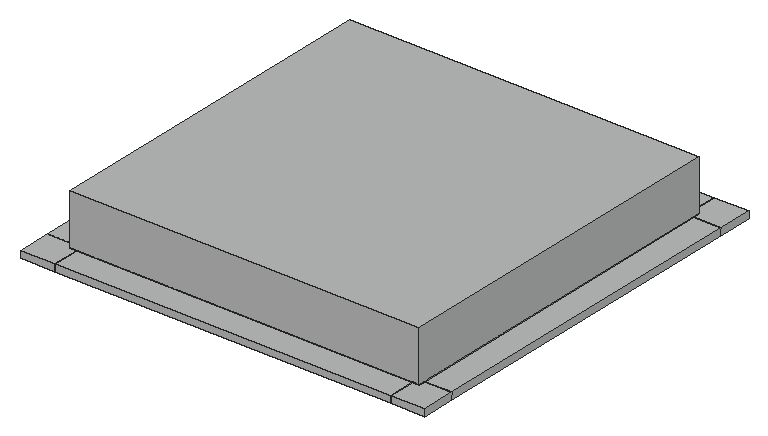
Revit family "ALUMOGIPS", category Осветительные приборы, Revit 2019
Family settings
  Размер круглого соединителя = Использовать диаметр
  Тип детали = Нормальный
  На основе рабочей плоскости = Нет
  Всегда вертикально = Нет
  При загрузке вырезать с полостями = Нет
  Источник света = Да
  Общий = Нет
  Точка расчета площади = Да
Parameters (values of type "Alumogips-22/opal-sand 295x295 (IP54, 4000К, серый)")
  built-in parameter 1150104 = 13.8 (stored number, unit not read)
  built-in parameter 1150134 = 12
  Файл фотометрической сетки = "Светильник ALUMOGIPS-22 OPAL-SAND-(295x295).IES"
  Tilt Angle = 90.00°
  built-in parameter 1150137 = (empty or 0)
  built-in parameter 1150132 = 2
  built-in parameter 1150114 = 1 (stored number, unit not read)
  Dimming Lamp Color Temperature Shift = (empty or 0)
  built-in parameter 1150105 = 151.2 (stored number, unit not read)
  Color Filter = 16777215
  Lumens = 1900 lm
  built-in parameter 1150109 = 1 (stored number, unit not read)
  built-in parameter 1150112 = 1 (stored number, unit not read)
  built-in parameter 1150110 = 1 (stored number, unit not read)
  built-in parameter 1150113 = 1 (stored number, unit not read)
  built-in parameter 1150115 = 1 (stored number, unit not read)
  built-in parameter 1114218 = 1 (stored number, unit not read)
  built-in parameter 1114217 = 1 (stored number, unit not read)
  built-in parameter 1150106 = 1.512 (stored number, unit not read)
  built-in parameter 1150142 = "IESNA:LM-63-95\r\n[TEST] Протокол №88\r\n[DATA] 02.08.2016\r\n[MORE] \r\n[MANUFAC] ЗАО \"Центрстройсвет\"\r\n[LUMCAT]  Светильник ALUMOGIPS-22/OPAL-SAND-(295x295)\r\n[LUMINAIRE]\r\n[LAMPCAT] Светодиоды\r\n[LAMP] Поток источника света (светодиодов) не известен\r\n[MORE] КСС приведена в абсолютных величинах кд\r\n[MORE] Вместо потока лампы, указан поток светильника.\r\nTILT=NONE\r\n1    1840 1.0 37 73 1 2 0.295 0.295 0.040\r\n1.0 1.0 23.0\r\n0.0 5.0 10.0 15.0 20.0 25.0 30.0 35.0 40.0 45.0 50.0 55.0 60.0 65.0 70.0 75.0 80.0 85.0 90.0 95.0 100.0 105.0 110.0 115.0 120.0 125.0 130.0 135.0 140.0 145.0 150.0 155.0 160.0 165.0 170.0 175.0 180.0\r\n0.0 5.0 10.0 15.0 20.0 25.0 30.0 35.0 40.0 45.0 50.0 55.0 60.0 65.0 70.0 75.0 80.0 85.0 90.0 95.0 100.0 105.0 110.0 115.0 120.0 125.0 130.0 135.0 140.0 145.0 150.0 155.0 160.0 165.0 170.0 175.0 180.0 185.0 190.0 195.0 200.0 205.0 210.0 215.0 220.0 225.0 230.0 235.0 240.0 245.0 250.0 255.0 260.0 265.0 270.0 275.0 280.0 285.0 290.0 295.0 300.0 305.0 310.0 315.0 320.0 325.0 330.0 335.0 340.0 345.0 350.0 355.0 360.0\r\n704.4 702.6 689.1 668.2 639.7 603.2 562.5 516.5 468.8 417.4 365.6 312.1 259.6 207.6 156.6 108.3 64.3 25.9 1.0 0.0 0.0 0.0 0.0 0.0 0.0 0.0 0.0 0.0 0.0 0.0 0.0 0.0 0.0 0.0 0.0 0.0 0.0\r\n704.4 702.6 688.9 666.9 636.8 601.2 560.9 517.4 467.0 417.5 364.8 312.1 258.9 207.6 156.5 108.3 64.5 26.2 0.8 0.0 0.0 0.0 0.0 0.0 0.0 0.0 0.0 0.0 0.0 0.0 0.0 0.0 0.0 0.0 0.0 0.0 0.0\r\n704.4 702.7 688.1 666.6 636.2 601.8 558.9 514.4 466.5 416.1 364.4 311.1 259.0 206.8 155.7 107.9 64.0 25.6 0.7 0.0 0.0 0.0 0.0 0.0 0.0 0.0 0.0 0.0 0.0 0.0 0.0 0.0 0.0 0.0 0.0 0.0 0.0\r\n704.4 702.8 687.5 665.5 635.7 599.5 558.6 514.9 467.7 415.9 364.3 311.2 257.9 206.3 155.3 107.2 63.6 25.3 0.6 0.0 0.0 0.0 0.0 0.0 0.0 0.0 0.0 0.0 0.0 0.0 0.0 0.0 0.0 0.0 0.0 0.0 0.0\r\n704.4 702.6 687.0 663.7 635.8 599.0 558.1 514.4 465.6 413.9 361.9 310.4 256.5 205.3 154.7 106.6 62.6 24.8 0.4 0.0 0.0 0.0 0.0 0.0 0.0 0.0 0.0 0.0 0.0 0.0 0.0 0.0 0.0 0.0 0.0 0.0 0.0\r\n704.4 702.2 686.0 663.0 633.3 599.1 557.7 512.0 464.8 414.0 362.8 309.2 256.6 205.1 154.2 106.1 62.4 24.4 0.4 0.0 0.0 0.0 0.0 0.0 0.0 0.0 0.0 0.0 0.0 0.0 0.0 0.0 0.0 0.0 0.0 0.0 0.0\r\n704.4 701.7 685.7 662.9 634.4 599.2 558.1 511.9 463.9 414.8 361.7 309.1 256.5 204.4 153.6 105.3 62.2 24.3 0.3 0.0 0.0 0.0 0.0 0.0 0.0 0.0 0.0 0.0 0.0 0.0 0.0 0.0 0.0 0.0 0.0 0.0 0.0\r\n704.4 701.4 685.4 663.3 632.5 597.1 557.3 512.2 463.2 413.2 361.4 307.8 255.6 203.8 153.2 105.6 61.8 24.0 0.3 0.0 0.0 0.0 0.0 0.0 0.0 0.0 0.0 0.0 0.0 0.0 0.0 0.0 0.0 0.0 0.0 0.0 0.0\r\n704.4 701.2 685.3 662.8 633.9 597.9 556.7 511.3 462.0 412.9 360.3 306.8 255.0 203.4 152.9 105.0 62.1 23.8 0.4 0.0 0.0 0.0 0.0 0.0 0.0 0.0 0.0 0.0 0.0 0.0 0.0 0.0 0.0 0.0 0.0 0.0 0.0\r\n704.4 700.7 685.1 661.8 633.2 596.2 556.5 510.9 461.5 411.1 359.4 307.7 255.0 203.8 153.0 104.9 61.9 23.6 0.5 0.0 0.0 0.0 0.0 0.0 0.0 0.0 0.0 0.0 0.0 0.0 0.0 0.0 0.0 0.0 0.0 0.0 0.0\r\n704.4 700.0 684.9 662.8 633.2 597.6 556.4 511.4 461.8 411.3 359.2 307.9 255.0 203.5 152.9 105.5 62.1 23.6 0.3 0.0 0.0 0.0 0.0 0.0 0.0 0.0 0.0 0.0 0.0 0.0 0.0 0.0 0.0 0.0 0.0 0.0 0.0\r\n704.4 699.6 685.0 663.1 633.0 597.9 557.6 511.6 462.2 410.8 359.8 307.8 254.6 203.2 152.9 105.6 62.1 23.9 0.3 0.0 0.0 0.0 0.0 0.0 0.0 0.0 0.0 0.0 0.0 0.0 0.0 0.0 0.0 0.0 0.0 0.0 0.0\r\n704.4 699.4 684.8 662.9 633.0 597.6 556.3 511.4 462.0 412.1 359.9 308.6 255.5 203.3 152.7 105.5 62.7 23.9 0.4 0.0 0.0 0.0 0.0 0.0 0.0 0.0 0.0 0.0 0.0 0.0 0.0 0.0 0.0 0.0 0.0 0.0 0.0\r\n704.4 699.2 685.0 663.9 634.3 597.1 556.9 510.5 462.6 411.5 359.8 308.0 255.2 203.3 153.6 105.4 62.4 24.0 0.4 0.0 0.0 0.0 0.0 0.0 0.0 0.0 0.0 0.0 0.0 0.0 0.0 0.0 0.0 0.0 0.0 0.0 0.0\r\n704.4 698.9 685.3 663.1 633.1 597.7 555.9 511.5 463.6 413.1 360.4 307.4 255.0 203.4 154.1 106.4 62.5 24.2 0.3 0.0 0.0 0.0 0.0 0.0 0.0 0.0 0.0 0.0 0.0 0.0 0.0 0.0 0.0 0.0 0.0 0.0 0.0\r\n704.4 698.8 684.9 662.5 633.7 597.3 557.3 511.4 463.5 412.5 360.6 308.3 256.1 204.5 154.8 106.4 63.3 24.7 0.4 0.0 0.0 0.0 0.0 0.0 0.0 0.0 0.0 0.0 0.0 0.0 0.0 0.0 0.0 0.0 0.0 0.0 0.0\r\n704.4 698.8 685.0 663.1 634.2 598.6 557.7 511.5 463.1 413.4 360.7 309.0 257.0 204.7 154.5 107.2 63.3 25.0 0.4 0.0 0.0 0.0 0.0 0.0 0.0 0.0 0.0 0.0 0.0 0.0 0.0 0.0 0.0 0.0 0.0 0.0 0.0\r\n704.4 698.8 685.9 663.2 634.6 598.3 557.6 511.0 462.3 413.8 361.5 308.8 256.7 205.8 155.4 107.6 63.7 25.3 0.4 0.0 0.0 0.0 0.0 0.0 0.0 0.0 0.0 0.0 0.0 0.0 0.0 0.0 0.0 0.0 0.0 0.0 0.0\r\n704.4 698.9 686.2 663.6 634.2 598.4 558.9 513.7 463.3 414.0 361.2 309.4 257.5 206.4 155.7 108.1 64.2 25.7 0.3 0.0 0.0 0.0 0.0 0.0 0.0 0.0 0.0 0.0 0.0 0.0 0.0 0.0 0.0 0.0 0.0 0.0 0.0\r\n704.4 699.2 685.6 664.1 635.3 599.2 558.5 513.9 465.4 414.1 363.1 310.0 258.5 206.6 156.1 108.2 64.8 26.0 0.4 0.0 0.0 0.0 0.0 0.0 0.0 0.0 0.0 0.0 0.0 0.0 0.0 0.0 0.0 0.0 0.0 0.0 0.0\r\n704.4 699.5 685.9 663.5 635.1 599.6 559.3 514.1 467.4 415.5 363.4 310.4 258.2 207.4 157.0 108.7 65.3 26.4 0.7 0.0 0.0 0.0 0.0 0.0 0.0 0.0 0.0 0.0 0.0 0.0 0.0 0.0 0.0 0.0 0.0 0.0 0.0\r\n704.4 699.6 686.6 665.6 636.2 601.3 560.7 514.4 466.7 415.4 364.2 311.3 259.4 207.8 157.4 109.5 65.4 26.6 0.9 0.0 0.0 0.0 0.0 0.0 0.0 0.0 0.0 0.0 0.0 0.0 0.0 0.0 0.0 0.0 0.0 0.0 0.0\r\n704.4 699.6 687.0 665.5 635.2 600.6 560.0 515.7 467.1 415.8 363.7 312.0 259.9 208.3 157.9 109.9 66.2 27.1 1.0 0.0 0.0 0.0 0.0 0.0 0.0 0.0 0.0 0.0 0.0 0.0 0.0 0.0 0.0 0.0 0.0 0.0 0.0\r\n704.4 699.6 686.9 665.3 638.0 601.8 560.2 516.2 467.8 417.1 364.5 312.6 260.5 209.6 159.0 110.8 66.2 27.7 1.1 0.0 0.0 0.0 0.0 0.0 0.0 0.0 0.0 0.0 0.0 0.0 0.0 0.0 0.0 0.0 0.0 0.0 0.0\r\n704.4 699.6 687.1 666.3 637.6 601.9 561.9 517.1 468.0 418.2 366.8 314.0 261.4 209.4 159.3 111.3 67.0 28.1 1.2 0.0 0.0 0.0 0.0 0.0 0.0 0.0 0.0 0.0 0.0 0.0 0.0 0.0 0.0 0.0 0.0 0.0 0.0\r\n704.4 699.5 687.4 666.7 638.8 602.2 562.2 518.2 469.5 419.1 368.2 314.0 263.2 210.6 159.7 111.6 67.9 28.6 1.4 0.0 0.0 0.0 0.0 0.0 0.0 0.0 0.0 0.0 0.0 0.0 0.0 0.0 0.0 0.0 0.0 0.0 0.0\r\n704.4 699.5 688.3 667.0 640.3 604.3 563.6 518.1 470.6 419.5 367.4 316.1 263.5 211.7 161.4 112.7 68.0 28.9 1.6 0.0 0.0 0.0 0.0 0.0 0.0 0.0 0.0 0.0 0.0 0.0 0.0 0.0 0.0 0.0 0.0 0.0 0.0\r\n704.4 699.3 688.8 667.6 639.8 604.7 565.6 518.5 470.9 421.8 370.5 318.0 264.7 211.6 161.4 113.3 69.3 29.6 1.6 0.0 0.0 0.0 0.0 0.0 0.0 0.0 0.0 0.0 0.0 0.0 0.0 0.0 0.0 0.0 0.0 0.0 0.0\r\n704.4 699.3 689.1 668.0 639.9 605.1 564.7 521.0 473.3 421.7 371.0 317.6 265.9 213.4 162.4 113.9 69.6 30.2 2.1 0.0 0.0 0.0 0.0 0.0 0.0 0.0 0.0 0.0 0.0 0.0 0.0 0.0 0.0 0.0 0.0 0.0 0.0\r\n704.4 699.1 689.5 669.7 641.0 604.7 565.4 521.7 472.9 422.2 371.7 318.9 266.2 213.7 163.0 114.7 70.1 30.7 2.4 0.0 0.0 0.0 0.0 0.0 0.0 0.0 0.0 0.0 0.0 0.0 0.0 0.0 0.0 0.0 0.0 0.0 0.0\r\n704.4 699.0 688.9 668.7 641.2 606.9 567.6 522.5 474.1 423.9 372.7 320.8 267.8 215.3 164.2 115.4 70.6 31.3 2.5 0.0 0.0 0.0 0.0 0.0 0.0 0.0 0.0 0.0 0.0 0.0 0.0 0.0 0.0 0.0 0.0 0.0 0.0\r\n704.4 699.1 688.5 669.3 641.7 607.1 565.5 524.1 474.7 425.6 373.4 320.3 268.0 216.0 165.4 116.1 71.4 31.8 3.2 0.0 0.0 0.0 0.0 0.0 0.0 0.0 0.0 0.0 0.0 0.0 0.0 0.0 0.0 0.0 0.0 0.0 0.0\r\n704.4 699.3 687.9 669.4 641.7 607.2 568.4 524.0 476.6 426.2 374.1 322.1 268.8 217.3 165.9 117.2 72.0 32.4 3.4 0.0 0.0 0.0 0.0 0.0 0.0 0.0 0.0 0.0 0.0 0.0 0.0 0.0 0.0 0.0 0.0 0.0 0.0\r\n704.4 699.4 688.3 668.6 642.5 609.5 569.6 524.7 477.8 427.5 376.1 323.3 270.4 217.7 167.4 118.2 72.9 32.9 3.5 0.0 0.0 0.0 0.0 0.0 0.0 0.0 0.0 0.0 0.0 0.0 0.0 0.0 0.0 0.0 0.0 0.0 0.0\r\n704.4 699.4 689.0 668.7 640.7 609.0 568.7 526.9 479.0 427.9 376.7 323.6 272.1 218.5 168.0 119.1 73.6 33.5 3.7 0.0 0.0 0.0 0.0 0.0 0.0 0.0 0.0 0.0 0.0 0.0 0.0 0.0 0.0 0.0 0.0 0.0 0.0\r\n704.4 699.5 689.2 670.1 641.2 608.9 569.2 524.1 478.5 427.1 377.3 325.0 272.3 219.8 169.2 119.9 74.3 34.5 4.2 0.0 0.0 0.0 0.0 0.0 0.0 0.0 0.0 0.0 0.0 0.0 0.0 0.0 0.0 0.0 0.0 0.0 0.0\r\n704.4 699.5 689.2 669.3 642.5 609.2 569.8 524.5 479.5 428.4 376.6 325.2 272.4 220.9 169.5 120.1 74.4 34.4 4.3 0.0 0.0 0.0 0.0 0.0 0.0 0.0 0.0 0.0 0.0 0.0 0.0 0.0 0.0 0.0 0.0 0.0 0.0\r\n704.4 699.2 689.2 669.9 643.4 609.4 571.0 527.6 480.8 430.3 377.8 326.1 273.4 220.9 169.5 120.2 74.5 34.1 3.9 0.0 0.0 0.0 0.0 0.0 0.0 0.0 0.0 0.0 0.0 0.0 0.0 0.0 0.0 0.0 0.0 0.0 0.0\r\n704.4 698.9 689.2 670.5 644.2 611.7 573.5 529.4 482.3 431.6 378.4 327.7 274.1 222.2 170.4 120.8 75.0 34.6 4.3 0.0 0.0 0.0 0.0 0.0 0.0 0.0 0.0 0.0 0.0 0.0 0.0 0.0 0.0 0.0 0.0 0.0 0.0\r\n704.4 698.9 690.0 671.1 646.9 613.4 573.6 530.0 481.1 432.2 380.0 327.9 274.9 222.2 170.8 121.1 75.6 35.3 4.2 0.0 0.0 0.0 0.0 0.0 0.0 0.0 0.0 0.0 0.0 0.0 0.0 0.0 0.0 0.0 0.0 0.0 0.0\r\n704.4 699.3 690.7 674.8 647.7 612.5 573.7 529.4 482.0 432.1 380.6 327.7 274.6 222.1 170.6 121.7 76.0 35.6 4.5 0.0 0.0 0.0 0.0 0.0 0.0 0.0 0.0 0.0 0.0 0.0 0.0 0.0 0.0 0.0 0.0 0.0 0.0\r\n704.4 699.9 691.7 675.0 647.1 613.1 573.0 530.7 482.3 432.6 379.8 328.5 274.7 223.2 171.5 122.3 76.3 35.9 5.0 0.0 0.0 0.0 0.0 0.0 0.0 0.0 0.0 0.0 0.0 0.0 0.0 0.0 0.0 0.0 0.0 0.0 0.0\r\n704.4 700.4 692.9 673.4 646.5 612.9 575.2 531.6 483.1 433.1 381.9 328.2 276.3 222.1 172.0 122.8 76.9 36.2 5.1 0.0 0.0 0.0 0.0 0.0 0.0 0.0 0.0 0.0 0.0 0.0 0.0 0.0 0.0 0.0 0.0 0.0 0.0\r\n704.4 700.6 693.5 673.9 647.0 612.9 573.5 531.0 482.4 433.7 382.3 328.8 276.2 223.2 172.6 123.3 77.4 36.6 5.1 0.0 0.0 0.0 0.0 0.0 0.0 0.0 0.0 0.0 0.0 0.0 0.0 0.0 0.0 0.0 0.0 0.0 0.0\r\n704.4 700.7 693.7 673.1 648.0 613.9 574.3 531.3 483.3 432.8 382.1 329.2 275.7 223.6 172.8 123.4 77.8 36.9 4.9 0.0 0.0 0.0 0.0 0.0 0.0 0.0 0.0 0.0 0.0 0.0 0.0 0.0 0.0 0.0 0.0 0.0 0.0\r\n704.4 701.1 693.8 674.8 647.2 613.5 575.2 531.8 483.2 434.1 382.5 328.9 276.7 223.3 172.7 123.9 77.9 37.4 5.0 0.0 0.0 0.0 0.0 0.0 0.0 0.0 0.0 0.0 0.0 0.0 0.0 0.0 0.0 0.0 0.0 0.0 0.0\r\n704.4 701.8 693.2 673.7 647.8 613.7 574.8 529.9 484.5 434.8 382.6 330.3 276.0 223.9 173.4 124.4 78.3 37.7 5.0 0.0 0.0 0.0 0.0 0.0 0.0 0.0 0.0 0.0 0.0 0.0 0.0 0.0 0.0 0.0 0.0 0.0 0.0\r\n704.4 702.4 693.0 674.7 647.5 613.7 574.7 531.6 484.4 433.5 382.7 330.5 276.0 224.0 173.7 124.4 78.8 37.9 4.7 0.0 0.0 0.0 0.0 0.0 0.0 0.0 0.0 0.0 0.0 0.0 0.0 0.0 0.0 0.0 0.0 0.0 0.0\r\n704.4 702.9 693.1 673.7 646.9 614.1 575.5 531.6 485.4 434.0 382.7 330.7 276.9 224.2 173.3 124.5 79.1 38.3 4.4 0.0 0.0 0.0 0.0 0.0 0.0 0.0 0.0 0.0 0.0 0.0 0.0 0.0 0.0 0.0 0.0 0.0 0.0\r\n704.4 703.3 693.4 673.6 647.7 614.5 574.9 531.1 484.2 434.6 382.2 329.8 277.1 224.6 173.1 124.5 78.9 38.1 4.9 0.0 0.0 0.0 0.0 0.0 0.0 0.0 0.0 0.0 0.0 0.0 0.0 0.0 0.0 0.0 0.0 0.0 0.0\r\n704.4 703.5 692.8 673.5 646.9 613.2 574.9 530.4 485.0 432.4 382.8 329.5 277.0 223.9 173.7 124.3 78.8 38.0 5.3 0.0 0.0 0.0 0.0 0.0 0.0 0.0 0.0 0.0 0.0 0.0 0.0 0.0 0.0 0.0 0.0 0.0 0.0\r\n704.4 703.6 692.6 673.2 647.2 613.2 573.5 530.2 483.8 433.3 382.1 329.2 277.1 224.4 172.8 124.4 78.9 38.0 4.9 0.0 0.0 0.0 0.0 0.0 0.0 0.0 0.0 0.0 0.0 0.0 0.0 0.0 0.0 0.0 0.0 0.0 0.0\r\n704.4 703.7 692.8 672.6 647.2 614.4 573.5 530.9 482.8 433.6 380.9 329.2 276.5 224.5 172.9 124.0 78.7 37.8 4.9 0.0 0.0 0.0 0.0 0.0 0.0 0.0 0.0 0.0 0.0 0.0 0.0 0.0 0.0 0.0 0.0 0.0 0.0\r\n704.4 703.8 692.6 673.2 647.0 612.4 573.2 530.1 482.8 432.7 380.9 328.7 276.1 224.2 172.8 123.6 78.2 37.4 5.0 0.0 0.0 0.0 0.0 0.0 0.0 0.0 0.0 0.0 0.0 0.0 0.0 0.0 0.0 0.0 0.0 0.0 0.0\r\n704.4 703.6 693.0 674.0 646.0 613.3 572.9 529.7 482.7 431.7 379.7 327.7 275.3 223.6 172.8 123.2 77.9 37.1 4.7 0.0 0.0 0.0 0.0 0.0 0.0 0.0 0.0 0.0 0.0 0.0 0.0 0.0 0.0 0.0 0.0 0.0 0.0\r\n704.4 703.2 693.3 671.6 645.9 611.7 572.1 528.4 482.6 432.2 380.7 327.6 274.6 222.7 171.5 123.0 77.5 36.7 4.5 0.0 0.0 0.0 0.0 0.0 0.0 0.0 0.0 0.0 0.0 0.0 0.0 0.0 0.0 0.0 0.0 0.0 0.0\r\n704.4 703.1 692.8 671.5 645.0 611.3 572.6 526.8 480.5 432.1 379.2 327.0 274.1 221.6 170.8 122.4 77.0 36.3 4.1 0.0 0.0 0.0 0.0 0.0 0.0 0.0 0.0 0.0 0.0 0.0 0.0 0.0 0.0 0.0 0.0 0.0 0.0\r\n704.4 703.3 692.3 671.6 644.6 611.4 570.3 526.6 479.8 430.3 378.7 326.0 273.2 220.7 170.1 121.6 76.1 35.7 3.9 0.0 0.0 0.0 0.0 0.0 0.0 0.0 0.0 0.0 0.0 0.0 0.0 0.0 0.0 0.0 0.0 0.0 0.0\r\n704.4 703.4 692.1 673.0 644.7 610.0 571.1 525.9 478.7 429.2 377.2 324.8 271.8 219.9 169.3 120.3 75.5 35.2 3.5 0.0 0.0 0.0 0.0 0.0 0.0 0.0 0.0 0.0 0.0 0.0 0.0 0.0 0.0 0.0 0.0 0.0 0.0\r\n704.4 703.3 692.0 671.7 643.8 610.5 570.5 526.6 477.8 429.3 377.1 324.6 272.1 219.3 168.4 119.6 74.7 34.2 3.6 0.0 0.0 0.0 0.0 0.0 0.0 0.0 0.0 0.0 0.0 0.0 0.0 0.0 0.0 0.0 0.0 0.0 0.0\r\n704.4 703.2 691.7 671.4 643.3 607.8 570.3 524.8 477.5 427.2 375.8 323.5 270.4 218.3 167.6 118.9 73.6 33.5 3.3 0.0 0.0 0.0 0.0 0.0 0.0 0.0 0.0 0.0 0.0 0.0 0.0 0.0 0.0 0.0 0.0 0.0 0.0\r\n704.4 703.2 691.3 670.4 642.9 608.1 568.6 525.2 476.3 426.8 374.1 322.6 268.8 216.9 165.8 117.8 73.0 32.9 2.7 0.0 0.0 0.0 0.0 0.0 0.0 0.0 0.0 0.0 0.0 0.0 0.0 0.0 0.0 0.0 0.0 0.0 0.0\r\n704.4 703.2 691.0 670.9 642.3 607.5 567.5 522.3 477.0 426.7 373.5 321.2 267.9 216.0 165.2 116.7 71.6 32.1 2.8 0.0 0.0 0.0 0.0 0.0 0.0 0.0 0.0 0.0 0.0 0.0 0.0 0.0 0.0 0.0 0.0 0.0 0.0\r\n704.4 703.3 690.4 669.1 641.2 607.4 565.7 523.3 473.7 425.1 373.6 320.5 267.1 214.8 164.2 115.8 70.8 31.5 2.0 0.0 0.0 0.0 0.0 0.0 0.0 0.0 0.0 0.0 0.0 0.0 0.0 0.0 0.0 0.0 0.0 0.0 0.0\r\n704.4 703.4 689.7 669.6 640.7 607.3 565.0 521.8 475.0 423.5 372.9 318.9 265.5 214.0 163.2 114.6 70.2 30.5 2.0 0.0 0.0 0.0 0.0 0.0 0.0 0.0 0.0 0.0 0.0 0.0 0.0 0.0 0.0 0.0 0.0 0.0 0.0\r\n704.4 703.4 689.7 668.8 640.3 605.8 566.4 519.9 474.4 423.7 370.8 318.1 265.5 212.7 162.1 113.5 68.9 29.8 2.0 0.0 0.0 0.0 0.0 0.0 0.0 0.0 0.0 0.0 0.0 0.0 0.0 0.0 0.0 0.0 0.0 0.0 0.0\r\n704.4 703.4 690.2 667.6 639.0 606.2 565.0 519.0 472.4 422.7 370.1 317.7 263.8 212.1 161.1 112.8 68.2 29.0 2.0 0.0 0.0 0.0 0.0 0.0 0.0 0.0 0.0 0.0 0.0 0.0 0.0 0.0 0.0 0.0 0.0 0.0 0.0\r\n704.4 703.2 690.1 667.2 639.6 602.9 563.5 519.7 471.9 421.7 368.7 316.5 262.8 211.0 160.3 111.9 67.5 28.3 1.6 0.0 0.0 0.0 0.0 0.0 0.0 0.0 0.0 0.0 0.0 0.0 0.0 0.0 0.0 0.0 0.0 0.0 0.0\r\n704.4 703.1 689.6 667.3 637.8 603.3 562.7 517.3 470.1 419.4 368.0 315.2 261.9 210.6 159.0 110.9 66.6 27.9 1.1 0.0 0.0 0.0 0.0 0.0 0.0 0.0 0.0 0.0 0.0 0.0 0.0 0.0 0.0 0.0 0.0 0.0 0.0\r\n704.4 703.1 689.9 668.7 638.6 603.3 561.3 518.8 468.9 418.8 367.0 314.2 262.0 208.7 158.3 110.1 65.9 27.3 1.0 0.0 0.0 0.0 0.0 0.0 0.0 0.0 0.0 0.0 0.0 0.0 0.0 0.0 0.0 0.0 0.0 0.0 0.0\r\n704.4 703.1 689.9 667.6 639.0 603.4 561.3 516.7 468.8 418.8 365.3 313.8 260.7 208.2 156.8 109.3 65.1 26.7 1.0 0.0 0.0 0.0 0.0 0.0 0.0 0.0 0.0 0.0 0.0 0.0 0.0 0.0 0.0 0.0 0.0 0.0 0.0\r\n704.4 702.8 689.4 668.0 639.3 603.2 562.9 517.1 467.8 418.2 366.4 312.6 259.9 207.7 156.4 108.1 64.3 25.9 1.0 0.0 0.0 0.0 0.0 0.0 0.0 0.0 0.0 0.0 0.0 0.0 0.0 0.0 0.0 0.0 0.0 0.0 0.0\r\n704.4 702.6 689.1 668.2 639.7 603.2 562.5 516.5 468.8 417.4 365.6 312.1 259.6 207.6 156.6 108.3 64.3 25.9 1.0 0.0 0.0 0.0 0.0 0.0 0.0 0.0 0.0 0.0 0.0 0.0 0.0 0.0 0.0 0.0 0.0 0.0 0.0\r\n"
  built-in parameter 1150133 = 10 (stored number, unit not read)
  Wattage = 12.791 W
  built-in parameter 1150139 = (empty or 0)
  built-in parameter 1150138 = (empty or 0)
  built-in parameter 1150107 = 4000 (stored number, unit not read)
  built-in parameter 1150102 = (empty or 0)
  Emit from Rectangle Width = Ширина - 20 mm  # 275 mm
  Emit from Rectangle Length = Длина - 20 mm  # 275 mm
  Длина = 295 mm
  УГО [instance] = yes
  Description = ""
  Материал светильника = RAL 9006
  Материал стекла = RAL светящийся
  Type Comments = ""
  Изготовитель = "ЗАО «Центрстройсвет»"
  Ширина = 295 mm
  Высота = 40 mm
  Видимая форма излучения при визуализации = yes
  URL = "http://csvt.ru/"
  ADSK_Ток = ADSK_Номинальная мощность / (ADSK_Коэффициент мощности * ADSK_Напряжение * sqrt(ADSK_Количество фаз числовое))  # 0.10397 A
  ADSK_Примечание = ""
  ADSK_Полная мощность = ADSK_Номинальная мощность / ADSK_Коэффициент мощности  # 23.913 VA
  ADSK_Обозначение = "Alumogips-22/opal-sand 295x295 (IP54, 4000К, серый)"
  ADSK_Номинальная мощность = 22 W
  ADSK_Напряжение = 230 V
  ADSK_Наименование = "Встраиваемый светодиодный светильник Alumogips-22/opal-sand 295x295 (IP54, 4000К, серый)"
  ADSK_Масса = 1
  ADSK_Коэффициент мощности = 0.92
  ADSK_Количество фаз числовое = 1
  ADSK_Количество фаз = 1
  ADSK_Код изделия = "ЦБ000007755"
  ADSK_Классификация нагрузок = Прочее
  ADSK_Завод-изготовитель = "ЗАО «Центрстройсвет»"
  ADSK_Единица измерения = "шт."
Reference planes
  plane 1 "По центру (Вперед/Назад)": y = 0
  plane 2: z = 0
  plane 3 "По центру (Влево/Вправо)": x = 0
  plane 4: x = -147.5
  plane 5: x = 147.5
  plane 6: z = 40
  plane 7: y = -147.5
  plane 8: z = 20
  plane 9: y = 147.5
  plane 10: y = -127.5
  plane 11: y = 127.5
  plane 12: x = 127.5
  plane 13: x = -127.5
  plane 14: z = 3
  plane 15: z = -2
  plane 16: z = -4
  plane 17: z = -0.986
  plane 18: x = 122.5
  plane 19: y = -122.5
  plane 20: x = -122.5
  plane 21: y = 122.5
  plane 22: y = 132.5
  plane 23: x = -132.5
  plane 24: y = -132.5
  plane 25: x = 132.5
Forms (mm)
  Extrusion 1, solid, material "RAL 9006" <- "Материал светильника", detail levels medium+fine
    sketch origin (0, 0, 0) x (1, 0, 0) y (0, 1, 0)
      loop
        line (-122.5, 147.5) -> (-122.5, 127.5) -> (-127.5, 127.5) -> (-127.5, 122.5) -> (-147.5, 122.5) -> (-147.5, -122.5) -> (-127.5, -122.5) -> (-127.5, -127.5) -> (-122.5, -127.5) -> (-122.5, -147.5) -> (122.5, -147.5) -> (122.5, -127.5) -> (127.5, -127.5) -> (127.5, -122.5) -> (147.5, -122.5) -> (147.5, 122.5) -> (127.5, 122.5) -> (127.5, 127.5) -> (122.5, 127.5) -> (122.5, 147.5) -> (-122.5, 147.5)
    from -2 to 3
  Extrusion 2, solid, material "RAL 9006" <- "Материал светильника", detail levels medium+fine
    sketch origin (0, 0, 0) x (1, 0, 0) y (0, 1, 0)
      loop
        line (-127.5, 127.5) -> (-127.5, -127.5) -> (127.5, -127.5) -> (127.5, 127.5) -> (-127.5, 127.5)
    from 3 to 40
  Extrusion 3, void
    sketch origin (0, 0, 0) x (1, 0, 0) y (0, 1, 0)
      loop
        line (-127.5, 127.5) -> (-127.5, -127.5) -> (127.5, -127.5) -> (127.5, 127.5) -> (-127.5, 127.5)
    from -2 to 0
  Extrusion 4, solid, material "RAL 9006" <- "Материал светильника", detail levels medium+fine
    sketch origin (0, 0, 0) x (1, 0, 0) y (0, 1, 0)
      loop
        line (-127.5, 127.5) -> (-117.5, 127.5) -> (-117.5, 137.5) -> (-137.5, 137.5) -> (-137.5, 117.5) -> (-127.5, 117.5) -> (-127.5, 127.5)
      loop
        line (127.5, 127.5) -> (127.5, 117.5) -> (137.5, 117.5) -> (137.5, 137.5) -> (117.5, 137.5) -> (117.5, 127.5) -> (127.5, 127.5)
      loop
        line (-127.5, -127.5) -> (-127.5, -117.5) -> (-137.5, -117.5) -> (-137.5, -137.5) -> (-117.5, -137.5) -> (-117.5, -127.5) -> (-127.5, -127.5)
      loop
        line (127.5, -127.5) -> (117.5, -127.5) -> (117.5, -137.5) -> (137.5, -137.5) -> (137.5, -117.5) -> (127.5, -117.5) -> (127.5, -127.5)
    from -4 to -2
  Extrusion 5, solid, material "RAL светящийся" <- "Материал стекла", detail levels medium+fine
    sketch origin (0, 0, 0) x (1, 0, 0) y (0, 1, 0)
      loop
        line (-127.5, 127.5) -> (-127.5, -127.5) -> (127.5, -127.5) -> (127.5, 127.5) -> (-127.5, 127.5)
    from -0.986 to 3
  Extrusion 6, solid, material "RAL 9006" <- "Материал светильника", detail levels medium+fine
    sketch origin (0, 0, 0) x (1, 0, 0) y (0, 1, 0)
      loop
        line (122.5, 147.5) -> (122.5, 127.5) -> (127.5, 127.5) -> (127.5, 122.5) -> (147.5, 122.5) -> (147.5, 147.5) -> (122.5, 147.5)
      loop
        line (-147.5, 147.5) -> (-147.5, 122.5) -> (-127.5, 122.5) -> (-127.5, 127.5) -> (-122.5, 127.5) -> (-122.5, 147.5) -> (-147.5, 147.5)
      loop
        line (-147.5, -122.5) -> (-147.5, -147.5) -> (-122.5, -147.5) -> (-122.5, -127.5) -> (-127.5, -127.5) -> (-127.5, -122.5) -> (-147.5, -122.5)
      loop
        line (127.5, -122.5) -> (127.5, -127.5) -> (122.5, -127.5) -> (122.5, -147.5) -> (147.5, -147.5) -> (147.5, -122.5) -> (127.5, -122.5)
    from -2 to 3
Cuts and joins
  Extrusion 3 cuts Extrusion 2
  Extrusion 3 cuts Extrusion 1
  joined: Extrusion 4, Extrusion 6
Dimensions and locks
  equal spacing: plane 4, plane 3 "По центру (Влево/Вправо)", plane 5
  "Длина": plane 4 to plane 5
  equal spacing: plane 6, plane 8, plane 2
  equal spacing: plane 9, plane 1 "По центру (Вперед/Назад)", plane 7
  "Ширина": plane 9 to plane 7
  "Высота": plane 6 to plane 2
  locked: plane 10 to plane 7 at 20
  locked: plane 11 to plane 9 at 20
  locked: plane 4 to plane 13 at 20
  locked: plane 12 to plane 5 at 20
  locked: plane 14 to plane 2 at 3
  locked: plane 2 to plane 15 at 2
  locked: plane 15 to plane 16 at 2
  locked: plane 17 to plane 15 at 1.014
  locked: plane 11 to plane 22 at 5
  locked: plane 21 to plane 11 at 5
  locked: plane 13 to plane 20 at 5
  locked: plane 23 to plane 13 at 5
  locked: plane 10 to plane 24 at 5
  locked: plane 19 to plane 10 at 5
  locked: plane 18 to plane 12 at 5
  locked: plane 12 to plane 25 at 5
  aligned and locked: level to plane 2
  aligned and locked: plane 9 to Extrusion 1 sketch curve
  aligned and locked: plane 4 to Extrusion 1 sketch curve
  aligned and locked: plane 7 to Extrusion 1 sketch curve
  aligned and locked: plane 5 to Extrusion 1 sketch curve
  aligned and locked: plane 14 to Extrusion 1
  aligned and locked: plane 11 to Extrusion 2 sketch curve
  aligned and locked: plane 13 to Extrusion 2 sketch curve
  aligned and locked: plane 10 to Extrusion 2 sketch curve
  aligned and locked: plane 12 to Extrusion 2 sketch curve
  aligned and locked: plane 6 to Extrusion 2
  aligned and locked: Extrusion 2 to plane 14
  aligned and locked: Extrusion 3 sketch curve to Extrusion 2  (x4)
  aligned and locked: Extrusion 1 to plane 15
  aligned and locked: Extrusion 1 to Extrusion 3
  aligned and locked: level to Extrusion 3
  aligned and locked: Extrusion 4 to plane 16
  aligned and locked: plane 15 to Extrusion 4
  aligned and locked: plane 11 to Extrusion 5 sketch curve
  aligned and locked: plane 10 to Extrusion 5 sketch curve
  aligned and locked: plane 12 to Extrusion 5 sketch curve
  aligned and locked: plane 13 to Extrusion 5 sketch curve
  aligned and locked: Extrusion 5 to plane 17
  aligned and locked: plane 14 to Extrusion 5
  aligned and locked: plane 17 to imposter light
  aligned and locked: plane 9 to Extrusion 6 sketch curve
  aligned and locked: plane 4 to Extrusion 6 sketch curve
  aligned and locked: plane 7 to Extrusion 6 sketch curve
  aligned and locked: plane 5 to Extrusion 6 sketch curve
  aligned and locked: plane 14 to Extrusion 6
  aligned and locked: Extrusion 6 sketch curve to plane 18  (x2)
  aligned and locked: Extrusion 6 sketch curve to plane 19  (x2)
  aligned and locked: Extrusion 6 sketch curve to plane 10
  aligned and locked: Extrusion 6 sketch curve to plane 20
  aligned and locked: plane 13 to Extrusion 6 sketch curve
  aligned and locked: plane 10 to Extrusion 6 sketch curve
  aligned and locked: plane 20 to Extrusion 1 sketch curve  (x2)
  aligned and locked: plane 19 to Extrusion 1 sketch curve
  aligned and locked: Extrusion 1 sketch curve to plane 18  (x2)
  aligned and locked: Extrusion 1 sketch curve to plane 19
  aligned and locked: Extrusion 6 sketch curve to plane 21  (x2)
  aligned and locked: Extrusion 1 sketch curve to plane 21
  aligned and locked: plane 21 to Extrusion 1 sketch curve
Automatic sketch dimensions
  Extrusion 4 sketch curve to plane 13 = 0 mm  (x2)
  Extrusion 4 sketch curve to plane 10 = 0 mm  (x2)
  plane 11 to Extrusion 4 sketch curve = 0 mm  (x2)
  Extrusion 4 sketch curve to plane 12 = 0 mm  (x2)
  plane 4 to Extrusion 4 sketch curve = 10 mm  (x2)
  plane 13 to Extrusion 4 sketch curve = 10 mm  (x2)
  plane 12 to Extrusion 4 sketch curve = 10 mm  (x2)
  plane 5 to Extrusion 4 sketch curve = 10 mm
  Extrusion 4 sketch curve to Extrusion 4 sketch curve = 10 mm  (x5)
  plane 7 to Extrusion 4 sketch curve = 10 mm  (x2)
  plane 10 to Extrusion 4 sketch curve = 10 mm
  plane 11 to Extrusion 4 sketch curve = 10 mm
  Extrusion 1 sketch curve to plane 10 = 0 mm  (x2)
  Extrusion 1 sketch curve to plane 13 = 0 mm  (x2)
  Extrusion 1 sketch curve to plane 12 = 0 mm  (x2)
  plane 11 to Extrusion 1 sketch curve = 0 mm  (x2)
  Extrusion 6 sketch curve to plane 4 = 0 mm  (x2)
  Extrusion 6 sketch curve to plane 13 = 0 mm
  plane 11 to Extrusion 6 sketch curve = 0 mm  (x2)
  Extrusion 6 sketch curve to plane 20 = 0 mm
  Extrusion 6 sketch curve to plane 12 = 0 mm  (x2)
  Extrusion 6 sketch curve to plane 5 = 0 mm
  Extrusion 6 sketch curve to plane 7 = 0 mm
  plane 9 to Extrusion 6 sketch curve = 0 mm
Nested families
  nested 1: "УГО светильник светодиодный" at (0, 0, 0), type "УГО светильник прямоугольный"
Connectors
  electrical at (0, 0, 40), driven by "ADSK_Количество фаз", driven by "ADSK_Классификация нагрузок", driven by "ADSK_Напряжение", driven by "ADSK_Полная мощность", driven by "ADSK_Коэффициент мощности"
    settings: on cut or joined group of Extrusion 2, Extrusion 3, index 1, voltage 230 V, apparent load 0 VA, apparent load phase1 23.913 VA, apparent load phase2 0 VA, apparent load phase3 0 VA, power factor 0.92, load classification "Прочее", number of poles 1, system type 31, power factor state 1, is connector primary yes, connector utility no, sub classification motor no, connector description ""
Definition of nested family "УГО светильник светодиодный"
  Parameters
    Длина = 1000 mm
    Ширина = 500 mm
  Reference planes
    plane 1 "По центру (Вперед/Назад)": y = 0
    plane 2: z = 0
    plane 3 "По центру (Влево/Вправо)": x = 0
    plane 4: x = -500
    plane 5: y = 250
    plane 6: x = 500
    plane 7: y = -250
    plane 8: x = -333.333
    plane 9: x = -166.667
    plane 10: x = 333.333
    plane 11: x = 166.667
  Lines and regions (mm)
    model lines, detail levels coarse
      curve 1: line (-500, 250, 0) -> (500, 250, 0)
      curve 2: line (-500, -250, 0) -> (-500, 250, 0)
      curve 3: line (500, -250, 0) -> (-500, -250, 0)
      curve 4: line (500, 250, 0) -> (500, -250, 0)
      curve 5: line (333.333, -250, 0) -> (333.333, 250, 0)
      curve 6: line (-333.333, -250, 0) -> (-333.333, 250, 0)
  Dimensions and locks
    equal spacing: plane 7, plane 1 "По центру (Вперед/Назад)", plane 5
    "Ширина": plane 7 to plane 5
    equal spacing: plane 4, plane 3 "По центру (Влево/Вправо)", plane 6
    "Длина": plane 4 to plane 6
    equal spacing: plane 4, plane 9, plane 11, plane 6
    equal spacing: plane 4, plane 8, plane 9
    equal spacing: plane 11, plane 10, plane 6
    aligned and locked: level to plane 2
    aligned and locked: curve 1 to plane 5
    aligned and locked: plane 4 to curve 2
    aligned and locked: curve 3 to plane 7
    aligned and locked: plane 6 to curve 4
    aligned and locked: curve 5 to plane 10
    aligned and locked: plane 8 to curve 6
